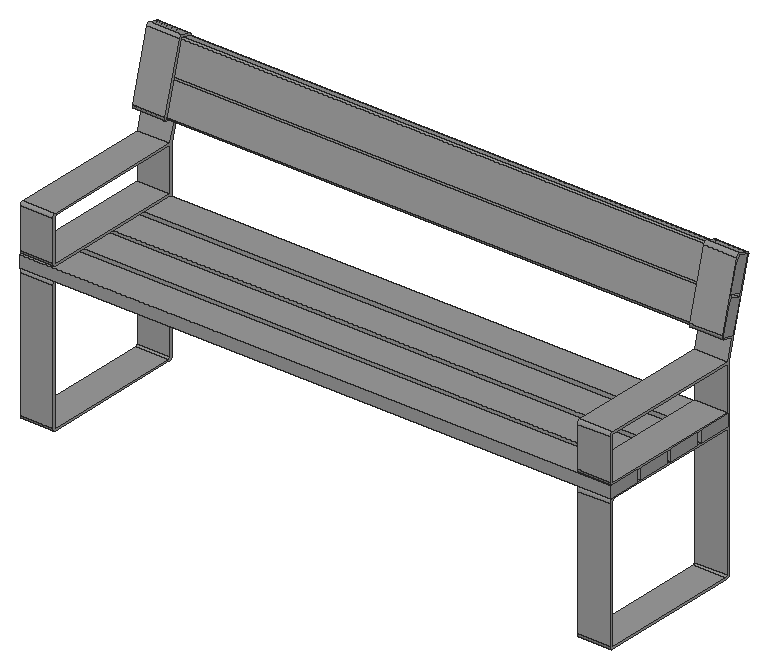
Revit family "Скамейка стальная «Идиллия» Арт 14137", category Антураж, Revit 2018
Family settings
  На основе рабочей плоскости = Нет
  Всегда вертикально = Да
  При загрузке вырезать с полостями = Нет
  Источник визуального образа = Геометрия семейства
  Общий = Нет
  Точка расчета площади = Нет
Parameters (values of type "Скамейка стальная «Идиллия»")
  Ширина = 526 mm  # constant formula
  Цвет опор = Сталь
  Цвет лавки = Дерево
  Описание = "Скамейка стальная «Идиллия»"  # constant formula
  Материал изделия = "Сталь, дерево"  # constant formula
  Изображение типоразмера = Скамейка стальная «Идиллия» Арт 14137.jpg
  Изготовитель = "ООО «Хоббика»"  # constant formula
  Длина = 1800 mm  # constant formula
  Группа модели = "Скамейки"  # constant formula
  Высота = 870 mm  # constant formula
  Артикул товара = "Арт. 14137"  # constant formula
  URL = "https://hobbyka.ru/product/skameyka_idilliya/"
Reference planes
  plane 1 "По центру (Вперед/Назад)": y = 0
  plane 2: z = 0
  plane 3 "По центру (Влево/Вправо)": x = 0
  plane 4: x = 1800
  plane 5: y = 526
  plane 6: z = 870
Forms (mm)
  Extrusion 1, solid, material "Сталь" <- "Цвет опор"
    sketch origin (0, 0, 0) x (0, 1, 0) y (0, 0, 1)
      loop
        line (518.756, 862.722) -> (494.725, 869.613)
        arc (494.725, 869.613) -> (487.12, 868.746) -> (482.356, 862.756) r 10
        line (482.356, 862.756) -> (427.565, 671.678)
        arc (427.565, 671.678) -> (428.432, 664.074) -> (434.421, 659.309) r 10
        line (434.421, 659.309) -> (458.453, 652.418)
        arc (458.453, 652.418) -> (461.035, 652.033) -> (463.628, 652.328) r 10
        line (463.628, 652.328) -> (446.716, 593.346) -> (10, 593.346)
        arc (10, 593.346) -> (2.929, 590.417) -> (0, 583.346) r 10
        line (0, 583.346) -> (0, 460)
        arc (0, 460) -> (2.929, 452.929) -> (10, 450) r 10
        line (10, 450) -> (446.917, 450) -> (446.917, 415) -> (15, 415)
        arc (15, 415) -> (4.393, 410.607) -> (0, 400) r 15
        line (0, 400) -> (0, 10)
        arc (0, 10) -> (2.929, 2.929) -> (10, 0) r 10
        line (10, 0) -> (441.917, 0)
        arc (441.917, 0) -> (448.988, 2.929) -> (451.917, 10) r 10
        line (451.917, 10) -> (451.917, 593.346) -> (525.613, 850.353)
        arc (525.613, 850.353) -> (524.746, 857.957) -> (518.756, 862.722) r 10
      loop
        line (487.162, 861.378) -> (432.371, 670.3)
        arc (432.371, 670.3) -> (432.805, 666.498) -> (435.8, 664.116) r 5
        line (435.8, 664.116) -> (459.831, 657.225)
        arc (459.831, 657.225) -> (463.633, 657.658) -> (466.016, 660.653) r 5
        line (466.016, 660.653) -> (520.806, 851.731)
        arc (520.806, 851.731) -> (520.373, 855.533) -> (517.378, 857.915) r 5
        line (517.378, 857.915) -> (493.347, 864.806)
        arc (493.347, 864.806) -> (489.544, 864.373) -> (487.162, 861.378) r 5
      loop
        line (10, 5) -> (441.917, 5)
        arc (441.917, 5) -> (445.453, 6.464) -> (446.917, 10) r 5
        line (446.917, 10) -> (446.917, 410) -> (15, 410)
        arc (15, 410) -> (7.929, 407.071) -> (5, 400) r 10
        line (5, 400) -> (5, 10)
        arc (5, 10) -> (6.464, 6.464) -> (10, 5) r 5
      loop
        line (446.917, 588.346) -> (10, 588.346)
        arc (10, 588.346) -> (6.464, 586.881) -> (5, 583.346) r 5
        line (5, 583.346) -> (5, 460)
        arc (5, 460) -> (6.464, 456.464) -> (10, 455) r 5
        line (10, 455) -> (446.917, 455) -> (446.917, 588.346)
    from 0 to 100
  Extrusion 2, solid, material "Сталь" <- "Цвет опор"
    sketch origin (0, 0, 0) x (0, 1, 0) y (0, 0, 1)
      loop
        line (518.756, 862.722) -> (494.725, 869.613)
        arc (494.725, 869.613) -> (487.12, 868.746) -> (482.356, 862.756) r 10
        line (482.356, 862.756) -> (427.565, 671.678)
        arc (427.565, 671.678) -> (428.432, 664.074) -> (434.421, 659.309) r 10
        line (434.421, 659.309) -> (458.453, 652.418)
        arc (458.453, 652.418) -> (461.035, 652.033) -> (463.628, 652.328) r 10
        line (463.628, 652.328) -> (446.716, 593.346) -> (10, 593.346)
        arc (10, 593.346) -> (2.929, 590.417) -> (0, 583.346) r 10
        line (0, 583.346) -> (0, 460)
        arc (0, 460) -> (2.929, 452.929) -> (10, 450) r 10
        line (10, 450) -> (446.917, 450) -> (446.917, 415) -> (15, 415)
        arc (15, 415) -> (4.393, 410.607) -> (0, 400) r 15
        line (0, 400) -> (0, 10)
        arc (0, 10) -> (2.929, 2.929) -> (10, 0) r 10
        line (10, 0) -> (441.917, 0)
        arc (441.917, 0) -> (448.988, 2.929) -> (451.917, 10) r 10
        line (451.917, 10) -> (451.917, 593.346) -> (525.613, 850.353)
        arc (525.613, 850.353) -> (524.746, 857.957) -> (518.756, 862.722) r 10
      loop
        line (487.162, 861.378) -> (432.371, 670.3)
        arc (432.371, 670.3) -> (432.805, 666.498) -> (435.8, 664.116) r 5
        line (435.8, 664.116) -> (459.831, 657.225)
        arc (459.831, 657.225) -> (463.633, 657.658) -> (466.016, 660.653) r 5
        line (466.016, 660.653) -> (520.806, 851.731)
        arc (520.806, 851.731) -> (520.373, 855.533) -> (517.378, 857.915) r 5
        line (517.378, 857.915) -> (493.347, 864.806)
        arc (493.347, 864.806) -> (489.544, 864.373) -> (487.162, 861.378) r 5
      loop
        line (10, 5) -> (441.917, 5)
        arc (441.917, 5) -> (445.453, 6.464) -> (446.917, 10) r 5
        line (446.917, 10) -> (446.917, 410) -> (15, 410)
        arc (15, 410) -> (7.929, 407.071) -> (5, 400) r 10
        line (5, 400) -> (5, 10)
        arc (5, 10) -> (6.464, 6.464) -> (10, 5) r 5
      loop
        line (446.917, 588.346) -> (10, 588.346)
        arc (10, 588.346) -> (6.464, 586.881) -> (5, 583.346) r 5
        line (5, 583.346) -> (5, 460)
        arc (5, 460) -> (6.464, 456.464) -> (10, 455) r 5
        line (10, 455) -> (446.917, 455) -> (446.917, 588.346)
    from 1700 to 1800
  Extrusion 3, solid, material "Дерево" <- "Цвет лавки"
    sketch origin (0, 0, 0) x (0, 1, 0) y (0, 0, 1)
      loop
        line (487.162, 861.378) -> (460.977, 770.058) -> (494.621, 760.411) -> (520.806, 851.731)
        arc (520.806, 851.731) -> (520.373, 855.533) -> (517.378, 857.915) r 5
        line (517.378, 857.915) -> (493.347, 864.806)
        arc (493.347, 864.806) -> (489.544, 864.373) -> (487.162, 861.378) r 5
      loop
        arc (432.371, 670.3) -> (432.805, 666.498) -> (435.8, 664.116) r 5
        line (435.8, 664.116) -> (459.831, 657.225)
        arc (459.831, 657.225) -> (463.633, 657.658) -> (466.016, 660.653) r 5
        line (466.016, 660.653) -> (492.201, 751.973) -> (458.557, 761.62) -> (432.371, 670.3)
      loop
        line (0, 450) -> (0, 415) -> (100, 415) -> (100, 450) -> (0, 450)
      loop
        line (215.639, 450) -> (115.639, 450) -> (115.639, 415) -> (215.639, 415) -> (215.639, 450)
      loop
        line (231.278, 415) -> (331.278, 415) -> (331.278, 450) -> (231.278, 450) -> (231.278, 415)
      loop
        line (346.917, 415) -> (446.917, 415) -> (446.917, 450) -> (346.917, 450) -> (346.917, 415)
    from 0 to 1800
Dimensions and locks
  "Длина": plane 4 to plane 3 "По центру (Влево/Вправо)"
  "Ширина": plane 5 to plane 1 "По центру (Вперед/Назад)"
  "Высота": plane 6 to plane 2
  aligned and locked: level to plane 2
  aligned and locked: plane 4 to Extrusion 3
Automatic sketch dimensions
  Extrusion 1 sketch curve to Extrusion 1 sketch curve = 0 mm  (x21)
  Extrusion 1 sketch curve to plane 1 "По центру (Вперед/Назад)" = 0 mm  (x2)
  Extrusion 1 sketch curve to level = 0 mm
  Extrusion 1 sketch curve to plane 1 "По центру (Вперед/Назад)" = 5 mm  (x2)
  Extrusion 1 sketch curve to Extrusion 1 sketch curve = 5 mm  (x3)
  Extrusion 1 sketch curve to Extrusion 1 sketch curve = 10 mm
  Extrusion 1 sketch curve to plane 5 = 98.435 mm
  Extrusion 1 sketch curve to Extrusion 1 sketch curve = 4.806 mm  (x9)
  Extrusion 1 sketch curve to Extrusion 1 sketch curve = 2.05 mm
  Extrusion 1 sketch curve to Extrusion 1 sketch curve = 1.378 mm  (x8)
  level to Extrusion 1 sketch curve = 10 mm
  Extrusion 1 sketch curve to plane 5 = 84.083 mm
  Extrusion 1 sketch curve to Extrusion 1 sketch curve = 5.201 mm
  Extrusion 1 sketch curve to Extrusion 1 sketch curve = 0.201 mm
  Extrusion 1 sketch curve to Extrusion 1 sketch curve = 24.032 mm
  Extrusion 1 sketch curve to Extrusion 1 sketch curve = 5.176 mm
  Extrusion 1 sketch curve to plane 6 = 7.244 mm
  Extrusion 1 sketch curve to plane 5 = 43.644 mm
  Extrusion 1 sketch curve to plane 6 = 8.622 mm
  Extrusion 1 sketch curve to plane 6 = 5.194 mm
  Extrusion 1 sketch curve to plane 6 = 0.387 mm
  Extrusion 1 sketch curve to plane 5 = 10 mm
  Extrusion 1 sketch curve to plane 5 = 0.387 mm
  Extrusion 1 sketch curve to Extrusion 1 sketch curve = 390 mm
  Extrusion 1 sketch curve to Extrusion 1 sketch curve = 35 mm
  Extrusion 1 sketch curve to Extrusion 1 sketch curve = 123.346 mm
  Extrusion 1 sketch curve to Extrusion 1 sketch curve = 58.982 mm
  Extrusion 1 sketch curve to Extrusion 1 sketch curve = 0.09 mm
  Extrusion 1 sketch curve to Extrusion 1 sketch curve = 6.891 mm
  Extrusion 1 sketch curve to plane 6 = 19.647 mm
  Extrusion 2 sketch curve to Extrusion 2 sketch curve = 0 mm  (x21)
  Extrusion 2 sketch curve to plane 1 "По центру (Вперед/Назад)" = 0 mm  (x2)
  Extrusion 2 sketch curve to level = 0 mm
  Extrusion 2 sketch curve to plane 1 "По центру (Вперед/Назад)" = 5 mm  (x2)
  Extrusion 2 sketch curve to Extrusion 2 sketch curve = 5 mm  (x3)
  Extrusion 2 sketch curve to Extrusion 2 sketch curve = 10 mm
  Extrusion 2 sketch curve to plane 5 = 98.435 mm
  Extrusion 2 sketch curve to Extrusion 2 sketch curve = 4.806 mm  (x9)
  Extrusion 2 sketch curve to Extrusion 2 sketch curve = 2.05 mm
  Extrusion 2 sketch curve to Extrusion 2 sketch curve = 1.378 mm  (x8)
  level to Extrusion 2 sketch curve = 10 mm
  Extrusion 2 sketch curve to plane 5 = 84.083 mm
  Extrusion 2 sketch curve to Extrusion 2 sketch curve = 5.201 mm
  Extrusion 2 sketch curve to Extrusion 2 sketch curve = 0.201 mm
  Extrusion 2 sketch curve to Extrusion 2 sketch curve = 24.032 mm
  Extrusion 2 sketch curve to Extrusion 2 sketch curve = 5.176 mm
  Extrusion 2 sketch curve to plane 6 = 7.244 mm
  Extrusion 2 sketch curve to plane 5 = 43.644 mm
  Extrusion 2 sketch curve to plane 6 = 8.622 mm
  Extrusion 2 sketch curve to plane 6 = 5.194 mm
  Extrusion 2 sketch curve to plane 6 = 0.387 mm
  Extrusion 2 sketch curve to plane 5 = 10 mm
  Extrusion 2 sketch curve to plane 5 = 0.387 mm
  Extrusion 2 sketch curve to Extrusion 2 sketch curve = 390 mm
  Extrusion 2 sketch curve to Extrusion 2 sketch curve = 35 mm
  Extrusion 2 sketch curve to Extrusion 2 sketch curve = 123.346 mm
  Extrusion 2 sketch curve to Extrusion 2 sketch curve = 58.982 mm
  Extrusion 2 sketch curve to Extrusion 2 sketch curve = 0.09 mm
  Extrusion 2 sketch curve to Extrusion 2 sketch curve = 6.891 mm
  Extrusion 2 sketch curve to plane 6 = 19.647 mm
  Extrusion 3 sketch curve to Extrusion 3 sketch curve = 3.428 mm
  Extrusion 3 sketch curve to Extrusion 3 sketch curve = 1.378 mm  (x7)
  Extrusion 3 sketch curve to Extrusion 3 sketch curve = 24.032 mm  (x2)
  Extrusion 3 sketch curve to Extrusion 3 sketch curve = 2.42 mm  (x2)
  Extrusion 3 sketch curve to Extrusion 3 sketch curve = 4.806 mm  (x4)
  Extrusion 3 sketch curve to Extrusion 3 sketch curve = 8.438 mm  (x2)
  Extrusion 3 sketch curve to Extrusion 3 sketch curve = 214.116 mm
  Extrusion 3 sketch curve to Extrusion 3 sketch curve = 35 mm  (x4)
  Extrusion 3 sketch curve to Extrusion 3 sketch curve = 100 mm  (x3)
  Extrusion 3 sketch curve to Extrusion 3 sketch curve = 332.371 mm
  Extrusion 3 sketch curve to Extrusion 3 sketch curve = 26.186 mm  (x2)
  Extrusion 3 sketch curve to Extrusion 3 sketch curve = 33.644 mm
  Extrusion 3 sketch curve to Extrusion 3 sketch curve = 6.891 mm
  Extrusion 3 sketch curve to plane 1 "По центру (Вперед/Назад)" = 0 mm
  level to Extrusion 3 sketch curve = 415 mm
  Extrusion 3 sketch curve to Extrusion 3 sketch curve = 15.639 mm  (x3)
  Extrusion 3 sketch curve to Extrusion 3 sketch curve = 0 mm  (x3)
  Extrusion 3 sketch curve to plane 5 = 79.083 mm
